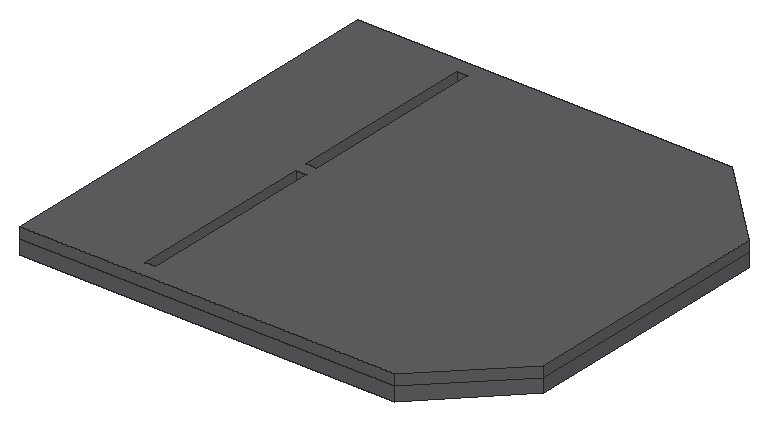
Revit family "Abdeckplatte für Universalträger UT3, blind", category Generic Models, Revit 2015
Parameters (values of type "UT3 P0")
  Width = 76 mm
  URL = "http://www.obo-bettermann.com"
  Material = OBO PA
  Manufacturer Art.No. = "7408743"
  Manufacturer = "OBO Bettermann"
  Length = 82.5 mm
  Height 1 = 2 mm
  Height = 4.5 mm
  GTIN = "4012196435296"
  Article Type = "UT3 P0"
Types (3, lengths in mm): name | Manufacturer Art.No. | Length | GTIN | Article Type
  (no name) | "7408743" | 82.5 | "4012196435296" | "UT3 P0"
  UT3 P0 | "7408743" | 82.5 | "4012196435296" | "UT3 P0"
  UT34 P0 | "7408745" | 104 | "4012196435302" | "UT34 P0"
Reference planes
  plane 1 "Center (Front/Back)": y = 0
  plane 2: z = 0
  plane 3 "Center (Left/Right)": x = 0
  plane 4: z = -2
  plane 5: z = -4.5
Forms (mm)
  Extrusion 1, solid, material "OBO PA" <- "Material"
    sketch origin (0, 0, 0) x (1, 0, 0) y (0, 1, 0)
      loop
        line (-41.25, 38) -> (-41.25, -38) -> (26.25, -38) -> (41.25, -23) -> (41.25, 23) -> (26.25, 38) -> (-41.25, 38)
    from 0 to -2
  Extrusion 2, solid, material "OBO PA" <- "Material"
    sketch origin (0, 0, 0) x (1, 0, 0) y (0, 1, 0)
      loop
        line (26.25, 38) -> (-41.25, 38) -> (-41.25, -38) -> (26.25, -38) -> (41.25, -23) -> (41.25, 23) -> (26.25, 38)
      loop
        line (-39.25, 36) -> (-39.25, -36) -> (25.422, -36) -> (39.25, -22.172) -> (39.25, 22.172) -> (25.422, 36) -> (-39.25, 36)
    from -2 to -4.5
  Extrusion 3, void
    sketch origin (0, 0, 0) x (1, 0, 0) y (0, 1, 0)
      loop
        line (-21.05, 35.15) -> (-21.05, 1.15) -> (-19.05, 1.15) -> (-19.05, 35.15) -> (-21.05, 35.15)
      loop
        line (-21.05, -1.15) -> (-21.05, -35.15) -> (-19.05, -35.15) -> (-19.05, -1.15) -> (-21.05, -1.15)
    from 0 to -2
Cuts and joins
  Extrusion 3 cuts Extrusion 1
Dimensions and locks
  "Height 1": level to plane 4
  "Height": level to plane 5
  locked: Extrusion 1 sketch curve to Extrusion 1 sketch curve at 15  (x2)
  "Width": Extrusion 1 sketch curve to Extrusion 1 sketch curve
  "Length": Extrusion 1 sketch curve to Extrusion 1 sketch curve
  equal spacing: Extrusion 1 sketch curve, plane 1 "Center (Front/Back)", Extrusion 1 sketch curve, locked at 38 each
  locked: plane 3 "Center (Left/Right)" to Extrusion 1 sketch curve at 41.25
  locked: Extrusion 3 sketch curve to Extrusion 1 at 2.85
  locked: Extrusion 3 sketch curve to Extrusion 3 sketch curve at 2
  locked: Extrusion 3 sketch curve to Extrusion 3 sketch curve at 34  (x2)
  locked: Extrusion 1 to Extrusion 3 sketch curve at 2.85
  locked: Extrusion 3 sketch curve to cut or joined group of Extrusion 1, Extrusion 3 at 60.3
  aligned and locked: level to plane 2
  aligned and locked: Extrusion 1 to level
  aligned and locked: plane 4 to Extrusion 1
  aligned and locked: Extrusion 2 sketch curve to Extrusion 1  (x6)
  aligned and locked: Extrusion 1 to Extrusion 2
  aligned and locked: Extrusion 2 to plane 5
  aligned and locked: Extrusion 3 sketch curve to Extrusion 3 sketch curve  (x2)
  aligned and locked: Extrusion 3 to level
  aligned and locked: Extrusion 1 to Extrusion 3
Automatic sketch dimensions
  Extrusion 1 sketch curve to Extrusion 1 sketch curve = 15 mm  (x2)
  Extrusion 2 sketch curve to Extrusion 2 sketch curve = 2 mm  (x4)
  Extrusion 2 sketch curve to Extrusion 2 sketch curve = 0.828 mm  (x4)
